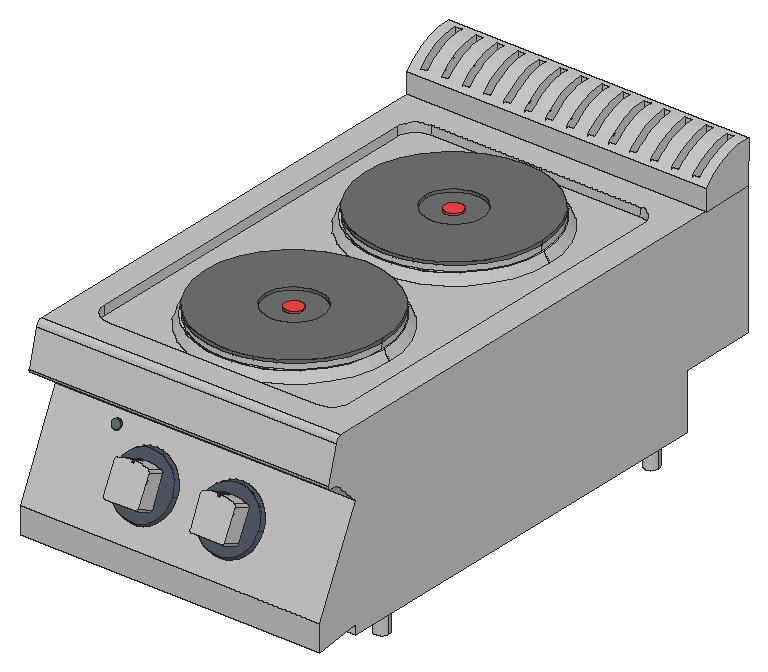
Revit family "QF_ZANUSSI_372014_Z7ECED2R00", category Specialty Equipment, Revit 2018
Family settings
  Round Connector Dimension = Use Diameter
  Part Type = Normal
  Work Plane-Based = No
  Always vertical = Yes
  Cut with Voids When Loaded = No
  Shared = No
  Room Calculation Point = No
Parameters
  Width = 400 mm  # constant formula
  Weight in Pounds = 44  # constant formula
  Weight = 0.00 kg
  Watts = 5200 W  # constant formula
  Volts = 400 V  # constant formula
  URL Manufacturer = "http://www.zanussiprofessional.com"
  URL Cutsheet = "www.electrolux.com/foodservice"
  URL = "http://www.zanussiprofessional.com"
  Type Mark [instance] = ""
  Steam Supply Size = 0"
  Steam Supply Minimum Pressure = 0.00 psi
  Steam Supply Maximum Pressure = 0.00 psi
  Steam Pounds per Hour = 0
  Status [instance] = ""
  Specification by User [instance] = ""
  Specification by Manufacturer = ""
  Show Logo [instance] = yes
  Show Clearance [instance] = yes
  Serial Number = ""
  Seismic Rating = ""
  SMACNA No = ""
  Revision Code [instance] = ""
  Refrigeration Suction Line Size = 0"
  Refrigeration Liquid Line Size = 0"
  Refrigerant Compressor Remote = yes
  Phase = 3  # constant formula
  Omniclass Number and Title = ""
  Number of Poles [instance] = 1
  NAFEM Spec ID Number = ""
  Model = "Z7ECED2R00"
  Min Ckt Ampacity = 0 A
  Max Overcurrent Protection = 0 A
  Masterspec = ""
  Manufacturer = "Zanussi"
  Length Actual = 400 mm  # constant formula
  Item Number [instance] = "372014"
  Installed By [instance] = ""
  Identify Quantity as Lot [instance] = yes
  Hot Water Size = 0"
  Height Actual = 250 mm  # constant formula
  Height = 332 mm  # constant formula
  HP = "7 HP"
  Gas Size = 0"
  Gas KW = 0
  Gas Input Pressure = 0.0 Btu/h
  Furnished By [instance] = ""
  Foodservice Equipment Identifier [instance] = yes
  FL Amps = if(Phase = 3, Watts / (Volts * 1.73), Watts / Volts)  # 7.51445 A
  Electrical Remarks [instance] = "400 V/3N ph/50/60 Hz"  # constant formula
  Electric Connection Type [instance] = ""
  Elec Conn RI Height [instance] = 0 mm
  Elec Conn Connection Height [instance] = 0 mm
  Direct Waste Size = 0"
  Description = "2-HOT PLATE ELECTRIC BOILING TOP 400 MM"
  Depth Actual = 700 mm  # constant formula
  Depth = 715 mm  # constant formula
  Cycle [instance] = if([60 Hertz Option], 60 Hz, 50 Hz)  # 60 Hz
  Conn Plug = ""
  Conn Conduit = yes
  Condensate Return Size = 0"
  Compressed Air Volume = 0 GPM
  Compressed Air Size = 0"
  Compressed Air Pressure = 0.00 psi
  Cold Water Size = 0"
  CSI MasterFormat = ""
  CSI Master Format = ""
  Base Height [instance] = 24 mm  # constant formula
  Assembly Code = ""
  Apparent Power = if(Phase = 3, Volts * FL Amps * 1.73, Volts * FL Amps)  # 5200 VA
  Accessory = yes
  60 Hertz Option [instance] = not([50 Hertz Option])  # yes
  50 Hertz Option [instance] = no
Reference planes
  plane 1 "BACK": y = 0
  plane 2: z = 0
  plane 3 "LEFT": x = 0
  plane 4 "RIGHT": x = 400
  plane 5 "FRONT": y = -715
  plane 6 "TOP": z = 288.925
  plane 7 "Center Y": x = 200
  plane 8 "Center X": y = -357.5
  plane 9 "BASE": z = 24
  plane 10 "TOP A": z = 274
  plane 11: y = -597.884
  plane 12: y = -147.637
  plane 13: z = 332
  plane 14: through (-6096, -654.982, 186.002) normal (0, -0.8956, 0.4448)
Forms (mm)
  Extrusion 1, solid, material "QF_Finishes_Stainless Steel"
    sketch origin (0, 0, 0) x (0, 1, 0) y (0, 0, 1)
      loop
        line (0, 98) -> (0, 274) -> (-679.358, 274)
        arc (-679.358, 274) -> (-684.643, 271.811) -> (-686.833, 266.526) r 7.474
        line (-686.833, 266.526) -> (-699.884, 221.011)
        arc (-699.884, 221.011) -> (-699.396, 218.379) -> (-697, 217.184) r 3
        line (-697, 217.184) -> (-686.802, 217.184) -> (-654.982, 185.364) -> (-715, 64.508) -> (-715, 29.508) -> (-658.645, 37.428)
        arc (-658.645, 37.428) -> (-656.101, 36.674) -> (-655, 34.259) r 3.2
        line (-655, 34.259) -> (-655, 24) -> (-103, 24) -> (-103, 98) -> (0, 98)
    from 0 to 400.05
  Extrusion 2, solid, material "QF_Finishes_Stainless Steel"
    sketch origin (0, 0, 0) x (1, 0, 0) y (0, 1, 0)
      loop
        circle (11.112, -147.638) r 9.525
      loop
        circle (11.112, -597.884) r 9.525
      loop
        circle (388.887, -147.638) r 9.525
      loop
        circle (388.887, -597.884) r 9.525
    from 0 to 24
  Extrusion 3, solid, material "QF_Finishes_Stainless Steel"
    sketch origin (0, -101.6, 101.6) x (0, 0, -1) y (-1, 0, 0)
      loop
        circle (41.088, -347.613) r 12.7
    from -1.4 to 3.175
  Extrusion 4, solid, material "QF_Finishes_Clearance", visible <- "Show Clearance", detail levels coarse
    sketch origin (0, 0, 0) x (1, 0, 0) y (0, 1, 0)
      loop
        line (0, -715) -> (0, 0) -> (400, 0) -> (400, -715) -> (550.019, -715) -> (550.019, 150.019) -> (-150.019, 150.019) -> (-150.019, -715) -> (0, -715)
    from 0 to 332
  Extrusion 5, solid, material "QF_Finishes_Stainless Steel"
    sketch origin (0, 0, 0) x (0, 1, 0) y (0, 0, 1)
      loop
        line (0, 274) -> (0, 332)
        arc (0, 332) -> (-38.368, 324.021) -> (-69.85, 300.683) r 91.242
        line (-69.85, 300.683) -> (-69.85, 274) -> (0, 274)
    from 0 to 400.05
  Extrusion 6, void
    sketch origin (0, 0, 274.638) x (-1, 0, 0) y (0, -1, 0)
      loop
        line (-13.453, 6.761) -> (-13.453, 63.911) -> (-22.749, 63.911) -> (-22.749, 6.761) -> (-13.453, 6.761)
    from 25.4 to 63.5
  Extrusion 7, void
    sketch origin (400.05, 0, 274.638) x (1, 0, 0) y (0, 1, 0)
      loop
        line (-13.503, -6.761) -> (-22.799, -6.761) -> (-22.799, -63.911) -> (-13.503, -63.911) -> (-13.503, -6.761)
    from 25.4 to 63.5
  Extrusion 8, void
    sketch origin (27.988, 0, 274.638) x (-1, 0, 0) y (0, -1, 0)
      loop
        line (-13.453, 6.761) -> (-13.453, 63.911) -> (-22.749, 63.911) -> (-22.749, 6.761) -> (-13.453, 6.761)
    from 25.4 to 63.5
  Extrusion 9, void
    sketch origin (55.977, 0, 274.638) x (-1, 0, 0) y (0, -1, 0)
      loop
        line (-13.453, 6.761) -> (-13.453, 63.911) -> (-22.749, 63.911) -> (-22.749, 6.761) -> (-13.453, 6.761)
    from 25.4 to 63.5
  Extrusion 10, void
    sketch origin (83.965, 0, 274.638) x (-1, 0, 0) y (0, -1, 0)
      loop
        line (-13.428, 6.761) -> (-13.428, 63.911) -> (-22.724, 63.911) -> (-22.724, 6.761) -> (-13.428, 6.761)
    from 25.4 to 63.5
  Extrusion 11, void
    sketch origin (111.953, 0, 274.638) x (-1, 0, 0) y (0, -1, 0)
      loop
        line (-13.428, 6.761) -> (-13.428, 63.911) -> (-22.724, 63.911) -> (-22.724, 6.761) -> (-13.428, 6.761)
    from 25.4 to 63.5
  Extrusion 12, void
    sketch origin (139.942, 0, 274.638) x (-1, 0, 0) y (0, -1, 0)
      loop
        line (-13.428, 6.761) -> (-13.428, 63.911) -> (-22.724, 63.911) -> (-22.724, 6.761) -> (-13.428, 6.761)
    from 25.4 to 63.5
  Extrusion 13, void
    sketch origin (167.93, 0, 274.638) x (-1, 0, 0) y (0, -1, 0)
      loop
        line (-13.428, 6.761) -> (-13.428, 63.911) -> (-22.724, 63.911) -> (-22.724, 6.761) -> (-13.428, 6.761)
    from 25.4 to 63.5
  Extrusion 14, void
    sketch origin (195.918, 0, 274.638) x (-1, 0, 0) y (0, -1, 0)
      loop
        line (-13.428, 6.761) -> (-13.428, 63.911) -> (-22.724, 63.911) -> (-22.724, 6.761) -> (-13.428, 6.761)
    from 25.4 to 63.5
  Extrusion 15, void
    sketch origin (223.907, 0, 274.638) x (-1, 0, 0) y (0, -1, 0)
      loop
        line (-13.428, 6.761) -> (-13.428, 63.911) -> (-22.724, 63.911) -> (-22.724, 6.761) -> (-13.428, 6.761)
    from 25.4 to 63.5
  Extrusion 16, void
    sketch origin (251.895, 0, 274.638) x (-1, 0, 0) y (0, -1, 0)
      loop
        line (-13.428, 6.761) -> (-13.428, 63.911) -> (-22.724, 63.911) -> (-22.724, 6.761) -> (-13.428, 6.761)
    from 25.4 to 63.5
  Extrusion 17, void
    sketch origin (279.884, 0, 274.638) x (-1, 0, 0) y (0, -1, 0)
      loop
        line (-13.403, 6.761) -> (-13.403, 63.911) -> (-22.699, 63.911) -> (-22.699, 6.761) -> (-13.403, 6.761)
    from 25.4 to 63.5
  Extrusion 18, void
    sketch origin (307.872, 0, 274.638) x (-1, 0, 0) y (0, -1, 0)
      loop
        line (-13.403, 6.761) -> (-13.403, 63.911) -> (-22.699, 63.911) -> (-22.699, 6.761) -> (-13.403, 6.761)
    from 25.4 to 63.5
  Extrusion 19, void
    sketch origin (335.86, 0, 274.638) x (-1, 0, 0) y (0, -1, 0)
      loop
        line (-13.403, 6.761) -> (-13.403, 63.911) -> (-22.699, 63.911) -> (-22.699, 6.761) -> (-13.403, 6.761)
    from 25.4 to 63.5
  Extrusion 20, void
    sketch origin (0, 0, 274.638) x (1, 0, 0) y (0, -1, 0)
      loop
        line (60.425, 104.885) -> (339.575, 104.885)
        arc (339.575, 104.885) -> (357.536, 112.324) -> (364.975, 130.285) r 25.4
        line (364.975, 130.285) -> (364.975, 619.485)
        arc (364.975, 619.485) -> (357.536, 637.445) -> (339.575, 644.885) r 25.4
        line (339.575, 644.885) -> (60.425, 644.885)
        arc (60.425, 644.885) -> (42.464, 637.445) -> (35.025, 619.485) r 25.4
        line (35.025, 619.485) -> (35.025, 130.285)
        arc (35.025, 130.285) -> (42.464, 112.324) -> (60.425, 104.885) r 25.4
    from 0 to 12.7
  Blend 21, solid, material "QF_Finishes_Navy Blue"
    base sketch origin (142.525, -684.991, 125.574) x (1, 0, 0) y (0, 0.444781, 0.895639)
      loop
        circle (0, 0) r 42.5
    top sketch origin (142.525, -684.991, 125.574) x (1, 0, 0) y (0, 0.444781, 0.895639)
      loop
        circle (0, 0) r 40.5
    from 0 to 5
  Extrusion 22, solid, material "QF_Finishes_Stainless Steel"
    sketch origin (142.525, -684.991, 125.574) x (1, 0, 0) y (0, 0.444781, 0.895639)
      loop
        arc (-21.147, 22.789) -> (-22.494, 21.685) -> (-23, 20.019) r 2.997
        line (-23, 20.019) -> (-23, -20.019)
        arc (-23, -20.019) -> (-22.122, -22.138) -> (-20.003, -23.016) r 2.997
        line (-20.003, -23.016) -> (20.003, -23.016)
        arc (20.003, -23.016) -> (22.122, -22.138) -> (23, -20.019) r 2.997
        line (23, -20.019) -> (23, 20.019)
        arc (23, 20.019) -> (22.494, 21.685) -> (21.147, 22.789) r 2.997
        arc (21.147, 22.789) -> (0, 26.984) -> (-21.147, 22.789) r 55.4
    from 10 to 34
  Extrusion 23, solid, material "QF_Plastic-Black-Matte"
    sketch origin (200.025, -684.991, 125.574) x (0, 0.444781, 0.895639) y (0, -0.895639, 0.444781)
      loop
        line (26.984, 34) -> (26.984, 19) -> (27.984, 19) -> (27.984, 34)
        arc (27.984, 34) -> (27.691, 34.707) -> (26.984, 35) r 1
        line (26.984, 35) -> (23.984, 35) -> (23.984, 34) -> (26.984, 34)
    from -58.5 to -56.5
  Extrusion 24, solid, material "QF_Finishes_DarkGreen"
    sketch origin (142.525, -662.752, 170.356) x (1, 0, 0) y (0, 0.444781, 0.895639)
      loop
        circle (-55.001, 0) r 6
    from 0 to 1.6
  Extrusion 25, solid, material "QF_Finishes_Stainless Steel"
    sketch origin (142.525, -684.991, 125.574) x (1, 0, 0) y (0, 0.444781, 0.895639)
      loop
        line (17.5, 17.5) -> (-17.5, 17.5) -> (-17.5, -17.5) -> (17.5, -17.5) -> (17.5, 17.5)
    from 5 to 10
  Extrusion 26, solid, material "QF_Plastic-Black-Matte"
    sketch origin (200.025, -684.991, 125.574) x (0, 0.444781, 0.895639) y (0, 0.895639, -0.444781)
      loop
        line (26.984, -34) -> (23.984, -34) -> (23.984, -35) -> (26.984, -35)
        arc (26.984, -35) -> (27.691, -34.707) -> (27.984, -34) r 1
        line (27.984, -34) -> (27.984, -19) -> (26.984, -19) -> (26.984, -34)
    from -58.5 to -56.5
  Extrusion 27, solid, material "QF_Finishes_Stainless Steel"
    sketch origin (257.525, -684.991, 125.574) x (-1, 0, 0) y (0, -0.444781, -0.895639)
      loop
        line (17.5, -17.5) -> (17.5, 17.5) -> (-17.5, 17.5) -> (-17.5, -17.5) -> (17.5, -17.5)
    from 5 to 10
  Blend 28, solid, material "QF_Finishes_Navy Blue"
    base sketch origin (257.525, -684.991, 125.574) x (1, 0, 0) y (0, 0.444781, 0.895639)
      loop
        circle (0, 0) r 42.5
    top sketch origin (257.525, -684.991, 125.574) x (1, 0, 0) y (0, 0.444781, 0.895639)
      loop
        circle (0, 0) r 40.5
    from 0 to 5
  Extrusion 29, solid, material "QF_Finishes_Stainless Steel"
    sketch origin (257.525, -684.991, 125.574) x (-1, 0, 0) y (0, -0.444781, -0.895639)
      loop
        arc (-21.147, -22.789) -> (0, -26.984) -> (21.147, -22.789) r 55.4
        arc (21.147, -22.789) -> (22.494, -21.685) -> (23, -20.019) r 2.997
        line (23, -20.019) -> (23, 20.019)
        arc (23, 20.019) -> (22.122, 22.138) -> (20.003, 23.016) r 2.997
        line (20.003, 23.016) -> (-20.003, 23.016)
        arc (-20.003, 23.016) -> (-22.122, 22.138) -> (-23, 20.019) r 2.997
        line (-23, 20.019) -> (-23, -20.019)
        arc (-23, -20.019) -> (-22.494, -21.685) -> (-21.147, -22.789) r 2.997
    from 10 to 34
Cuts and joins
  Extrusion 6, Extrusion 7, Extrusion 8, Extrusion 9, Extrusion 10, Extrusion 11, Extrusion 12, Extrusion 13, Extrusion 14, Extrusion 15, Extrusion 16, Extrusion 17, Extrusion 18, Extrusion 19 cuts Extrusion 5
  Extrusion 20 cuts Extrusion 1
Lines and regions (mm)
  Split face 1
    outline origin (142.525, -689.469, 127.797) x (1, 0, 0) y (0, 0.444781, 0.895639)
      loop
        circle (-33, 0) r 3
  Split face 2
    outline origin (263.426, -689.469, 127.797) x (1, 0, 0) y (0, 0.444781, 0.895639)
      loop
        line (-8.901, 38.561) -> (-8.901, 28.561) -> (-2.901, 28.561) -> (-2.901, 38.561) -> (-8.901, 38.561)
  Split face 3
    outline origin (263.426, -689.469, 127.797) x (1, 0, 0) y (0, 0.444781, 0.895639)
      loop
        line (-8.401, 38.061) -> (-8.401, 29.061) -> (-3.401, 29.061) -> (-3.401, 38.061) -> (-8.401, 38.061)
  Split face 4
    outline origin (263.426, -689.469, 127.797) x (1, 0, 0) y (0, 0.444781, 0.895639)
      loop
        line (-8.401, 33.561) -> (-3.401, 33.561)
  Split face 5
    outline origin (263.426, -689.469, 127.797) x (1, 0, 0) y (0, 0.444781, 0.895639)
      loop
        line (-8.401, 33.061) -> (-3.401, 33.061)
  Split face 6
    outline origin (148.426, -689.469, 127.797) x (1, 0, 0) y (0, 0.444781, 0.895639)
      loop
        line (-8.901, 38.561) -> (-8.901, 28.561) -> (-2.901, 28.561) -> (-2.901, 38.561) -> (-8.901, 38.561)
  Split face 7
    outline origin (148.426, -689.469, 127.797) x (1, 0, 0) y (0, 0.444781, 0.895639)
      loop
        line (-8.401, 38.061) -> (-8.401, 29.061) -> (-3.401, 29.061) -> (-3.401, 38.061) -> (-8.401, 38.061)
  Split face 8
    outline origin (148.426, -689.469, 127.797) x (1, 0, 0) y (0, 0.444781, 0.895639)
      loop
        line (-8.401, 34.061) -> (-3.401, 34.061)
  Split face 9
    outline origin (148.426, -689.469, 127.797) x (1, 0, 0) y (0, 0.444781, 0.895639)
      loop
        line (-8.401, 33.561) -> (-3.401, 33.561)
  Split face 10
    outline origin (168.182, -675.159, 156.613) x (-1, 0, 0) y (0, -0.444781, -0.895639)
      loop
        circle (43.456, 61.543) r 1.5
  Split face 11
    outline origin (148.426, -689.469, 127.797) x (1, 0, 0) y (0, 0.444781, 0.895639)
      loop
        circle (-5.901, 31.311) r 2.029
  Split face 12
    outline origin (263.426, -689.469, 127.797) x (1, 0, 0) y (0, 0.444781, 0.895639)
      loop
        circle (-5.901, 35.811) r 2.031
  Split face 13
    outline origin (142.525, -689.469, 127.797) x (1, 0, 0) y (0, 0.444781, 0.895639)
      loop
        circle (-24.487, 26.694) r 3.497
  Split face 14
    outline origin (257.525, -689.469, 127.797) x (1, 0, 0) y (0, 0.444781, 0.895639)
      loop
        circle (-24.487, 26.694) r 3.497
  Split face 15
    outline origin (257.525, -689.469, 127.797) x (1, 0, 0) y (0, 0.444781, 0.895639)
      loop
        circle (-33, 0) r 3
  Split face 16
    outline origin (257.525, -689.469, 127.797) x (1, 0, 0) y (0, 0.444781, 0.895639)
      loop
        circle (-17.8, -29.371) r 1.5
  symbolic lines, style "QF-Clearances", visible <- "Show Clearance", detail levels coarse
    curve 1: line (550.019, 150.019, 274) -> (-150.019, 150.019, 274)
    curve 2: line (550.019, -716.377, 274) -> (550.019, 150.019, 274)
    curve 3: line (-150.019, 150.019, 274.638) -> (-150.019, -715, 274.638)
    curve 4: line (550.019, 150.019, 274.638) -> (-150.019, 150.019, 274.638)
    curve 5: line (550.019, -715, 274.638) -> (550.019, 150.019, 274.638)
  symbolic lines
    curve 6: line (0, 0, 274.638) -> (400, 0, 274.638)
    curve 7: line (0, -715, 274.638) -> (0, 0, 274.638)
    curve 8: line (400, 0, 274.638) -> (400, -715, 274.638)
    curve 9: line (0, -69.85, 274.638) -> (400, -69.85, 274.638)
    curve 10: line (13.428, -6.761, 274.638) -> (22.724, -6.761, 274.638)
    curve 11: line (13.428, -63.911, 274.638) -> (13.428, -6.761, 274.638)
    curve 12: line (22.724, -63.911, 274.638) -> (13.428, -63.911, 274.638)
    curve 13: line (22.724, -6.761, 274.638) -> (22.724, -63.911, 274.638)
    curve 14: line (41.416, -6.761, 274.638) -> (50.712, -6.761, 274.638)
    curve 15: line (41.416, -63.911, 274.638) -> (41.416, -6.761, 274.638)
    curve 16: line (50.712, -63.911, 274.638) -> (41.416, -63.911, 274.638)
    curve 17: line (50.712, -6.761, 274.638) -> (50.712, -63.911, 274.638)
    curve 18: line (69.405, -6.761, 274.638) -> (78.7, -6.761, 274.638)
    curve 19: line (69.405, -63.911, 274.638) -> (69.405, -6.761, 274.638)
    curve 20: line (78.7, -63.911, 274.638) -> (69.405, -63.911, 274.638)
    curve 21: line (78.7, -6.761, 274.638) -> (78.7, -63.911, 274.638)
    curve 22: line (97.393, -6.761, 274.638) -> (106.689, -6.761, 274.638)
    curve 23: line (97.393, -63.911, 274.638) -> (97.393, -6.761, 274.638)
    curve 24: line (106.689, -63.911, 274.638) -> (97.393, -63.911, 274.638)
    curve 25: line (106.689, -6.761, 274.638) -> (106.689, -63.911, 274.638)
    curve 26: line (125.381, -6.761, 274.638) -> (134.677, -6.761, 274.638)
    curve 27: line (125.381, -63.911, 274.638) -> (125.381, -6.761, 274.638)
    curve 28: line (134.677, -63.911, 274.638) -> (125.381, -63.911, 274.638)
    curve 29: line (134.677, -6.761, 274.638) -> (134.677, -63.911, 274.638)
    curve 30: line (153.37, -6.761, 274.638) -> (162.665, -6.761, 274.638)
    curve 31: line (153.37, -63.911, 274.638) -> (153.37, -6.761, 274.638)
    curve 32: line (162.665, -63.911, 274.638) -> (153.37, -63.911, 274.638)
    curve 33: line (162.665, -6.761, 274.638) -> (162.665, -63.911, 274.638)
    curve 34: line (181.358, -6.761, 274.638) -> (190.654, -6.761, 274.638)
    curve 35: line (181.358, -63.911, 274.638) -> (181.358, -6.761, 274.638)
    curve 36: line (190.654, -63.911, 274.638) -> (181.358, -63.911, 274.638)
    curve 37: line (190.654, -6.761, 274.638) -> (190.654, -63.911, 274.638)
    curve 38: line (209.346, -6.761, 274.638) -> (218.642, -6.761, 274.638)
    curve 39: line (209.346, -63.911, 274.638) -> (209.346, -6.761, 274.638)
    curve 40: line (218.642, -63.911, 274.638) -> (209.346, -63.911, 274.638)
    curve 41: line (218.642, -6.761, 274.638) -> (218.642, -63.911, 274.638)
    curve 42: line (237.31, -6.761, 274.638) -> (246.605, -6.761, 274.638)
    curve 43: line (237.31, -63.911, 274.638) -> (237.31, -6.761, 274.638)
    curve 44: line (246.605, -63.911, 274.638) -> (237.31, -63.911, 274.638)
    curve 45: line (246.605, -6.761, 274.638) -> (246.605, -63.911, 274.638)
    curve 46: line (265.298, -6.761, 274.638) -> (274.594, -6.761, 274.638)
    curve 47: line (265.298, -63.911, 274.638) -> (265.298, -6.761, 274.638)
    curve 48: line (274.594, -63.911, 274.638) -> (265.298, -63.911, 274.638)
    curve 49: line (274.594, -6.761, 274.638) -> (274.594, -63.911, 274.638)
    curve 50: line (293.286, -6.761, 274.638) -> (302.582, -6.761, 274.638)
    curve 51: line (293.286, -63.911, 274.638) -> (293.286, -6.761, 274.638)
    curve 52: line (302.582, -63.911, 274.638) -> (293.286, -63.911, 274.638)
    curve 53: line (302.582, -6.761, 274.638) -> (302.582, -63.911, 274.638)
    curve 54: line (321.275, -6.761, 274.638) -> (330.57, -6.761, 274.638)
    curve 55: line (321.275, -63.911, 274.638) -> (321.275, -6.761, 274.638)
    curve 56: line (330.57, -63.911, 274.638) -> (321.275, -63.911, 274.638)
    curve 57: line (330.57, -6.761, 274.638) -> (330.57, -63.911, 274.638)
    curve 58: line (349.263, -6.761, 274.638) -> (358.559, -6.761, 274.638)
    curve 59: line (349.263, -63.911, 274.638) -> (349.263, -6.761, 274.638)
    curve 60: line (358.559, -63.911, 274.638) -> (349.263, -63.911, 274.638)
    curve 61: line (358.559, -6.761, 274.638) -> (358.559, -63.911, 274.638)
    curve 62: line (377.251, -6.761, 274.638) -> (386.547, -6.761, 274.638)
    curve 63: line (377.251, -63.911, 274.638) -> (377.251, -6.761, 274.638)
    curve 64: line (386.547, -63.911, 274.638) -> (377.251, -63.911, 274.638)
    curve 65: line (386.547, -6.761, 274.638) -> (386.547, -63.911, 274.638)
    curve 66: line (35.025, -619.485, 0) -> (35.025, -130.285, 0)
    curve 67: arc (35.025, -130.285, 0) -> (42.464, -112.324, 0) -> (60.425, -104.885, 0) r 25.4
    curve 68: line (60.425, -104.885, 0) -> (339.575, -104.885, 0)
    curve 69: arc (339.575, -104.885, 0) -> (357.536, -112.324, 0) -> (364.975, -130.285, 0) r 25.4
    curve 70: line (364.975, -130.285, 0) -> (364.975, -619.485, 0)
    curve 71: arc (364.975, -619.485, 0) -> (357.536, -637.445, 0) -> (339.575, -644.885, 0) r 25.4
    curve 72: line (339.575, -644.885, 0) -> (60.425, -644.885, 0)
    curve 73: arc (60.425, -644.885, 0) -> (42.464, -637.445, 0) -> (35.025, -619.485, 0) r 25.4
    curve 74: line (0, -700, 0) -> (400, -700, 0)
    curve 75: line (119.5, -700, 0) -> (119.5, -724.347, 0)
    curve 76: arc (119.5, -724.347, 0) -> (119.646, -724.811, 0) -> (120.032, -725.107, 0) r 0.809
    curve 77: arc (120.032, -725.107, 0) -> (121.22, -725.587, 0) -> (122.497, -725.68, 0) r 4.127
    curve 78: arc (119.5, -704.292, 0) -> (114.459, -702.458, 0) -> (109.691, -700, 0) r 42.24
    curve 79: arc (119.5, -706.539, 0) -> (120.002, -705.818, 0) -> (120.799, -705.448, 0) r 1.682
    curve 80: arc (120.799, -705.448, 0) -> (131.102, -703.95, 0) -> (141.5, -703.441, 0) r 109.079
    curve 81: line (141.5, -700, 0) -> (141.5, -705.671, 0)
    curve 82: line (141.5, -705.671, 0) -> (143.5, -705.671, 0)
    curve 83: line (143.5, -705.671, 0) -> (143.5, -700, 0)
    curve 84: line (165.5, -700, 0) -> (165.5, -724.347, 0)
    curve 85: arc (165.5, -724.347, 0) -> (165.354, -724.811, 0) -> (164.968, -725.107, 0) r 0.809
    curve 86: arc (164.968, -725.107, 0) -> (163.78, -725.587, 0) -> (162.503, -725.68, 0) r 4.127
    curve 87: arc (165.5, -704.292, 0) -> (170.541, -702.458, 0) -> (175.309, -700, 0) r 42.24
    curve 88: arc (165.5, -706.539, 0) -> (164.998, -705.818, 0) -> (164.201, -705.448, 0) r 1.682
    curve 89: arc (164.201, -705.448, 0) -> (153.898, -703.95, 0) -> (143.5, -703.441, 0) r 109.079
    curve 90: line (122.497, -725.68, 0) -> (162.503, -725.68, 0)
    curve 91: line (280.5, -700, 0) -> (280.5, -724.347, 0)
    curve 92: arc (280.5, -724.347, 0) -> (280.354, -724.811, 0) -> (279.968, -725.107, 0) r 0.809
    curve 93: arc (279.968, -725.107, 0) -> (278.78, -725.587, 0) -> (277.503, -725.68, 0) r 4.127
    curve 94: arc (280.5, -704.292, 0) -> (285.541, -702.458, 0) -> (290.309, -700, 0) r 42.24
    curve 95: arc (280.5, -706.539, 0) -> (279.998, -705.818, 0) -> (279.201, -705.448, 0) r 1.682
    curve 96: arc (279.201, -705.448, 0) -> (268.898, -703.95, 0) -> (258.5, -703.441, 0) r 109.079
    curve 97: line (258.5, -700, 0) -> (258.5, -705.671, 0)
    curve 98: line (258.5, -705.671, 0) -> (256.5, -705.671, 0)
    curve 99: line (256.5, -705.671, 0) -> (256.5, -700, 0)
    curve 100: line (234.5, -700, 0) -> (234.5, -724.347, 0)
    curve 101: arc (234.5, -724.347, 0) -> (234.646, -724.811, 0) -> (235.032, -725.107, 0) r 0.809
    curve 102: arc (235.032, -725.107, 0) -> (236.22, -725.587, 0) -> (237.497, -725.68, 0) r 4.127
    curve 103: arc (234.5, -704.292, 0) -> (229.459, -702.458, 0) -> (224.691, -700, 0) r 42.24
    curve 104: arc (234.5, -706.539, 0) -> (235.002, -705.818, 0) -> (235.799, -705.448, 0) r 1.682
    curve 105: arc (235.799, -705.448, 0) -> (246.102, -703.95, 0) -> (256.5, -703.441, 0) r 109.079
    curve 106: line (277.503, -725.68, 0) -> (237.497, -725.68, 0)
    curve 107: line (165.5, -715, 0) -> (234.5, -715, 0)
    curve 108: line (280.5, -715, 0) -> (400, -715, 0)
    curve 109: line (0, -715, 0) -> (119.5, -715, 0)
Dimensions and locks
  equal spacing: plane 3 "LEFT", plane 7 "Center Y", plane 4 "RIGHT"
  "Width": plane 3 "LEFT" to plane 4 "RIGHT"
  equal spacing: plane 5 "FRONT", plane 8 "Center X", plane 1 "BACK"
  "Depth": plane 5 "FRONT" to plane 1 "BACK"
  plane 1 "BACK" to plane 5 "FRONT" = 715 mm
  "Base Height": plane 9 "BASE" to level
  plane 10 "TOP A" to plane 9 "BASE" = 250 mm
  plane 9 "BASE" to level = 24 mm
  plane 4 "RIGHT" to Extrusion 3 sketch curve = 52.388 mm
  plane 13 to level = 332 mm
  Extrusion 3 sketch curve to plane 9 "BASE" = 36.513 mm
  plane 10 "TOP A" to plane 13 = 58 mm
  aligned and locked: level to plane 2
Automatic sketch dimensions
  plane 4 "RIGHT" to curve 2 = 150.019 mm
  curve 1 to plane 3 "LEFT" = 150.019 mm
  curve 1 to plane 1 "BACK" = 150.019 mm
  plane 5 "FRONT" to curve 2 = 1.377 mm
  plane 11 to Extrusion 2 sketch curve = 0 mm  (x2)
  plane 12 to Extrusion 2 sketch curve = 0 mm  (x2)
  plane 3 "LEFT" to Extrusion 2 sketch curve = 11.112 mm  (x2)
  Extrusion 2 sketch curve to plane 4 "RIGHT" = 11.113 mm  (x2)
  plane 5 "FRONT" to Extrusion 4 sketch curve = 0 mm  (x2)
  plane 1 "BACK" to Extrusion 4 sketch curve = 0 mm
  Extrusion 4 sketch curve to plane 3 "LEFT" = 0 mm
  Extrusion 4 sketch curve to plane 4 "RIGHT" = 0 mm
  Extrusion 4 sketch curve to plane 3 "LEFT" = 150.019 mm
  Extrusion 4 sketch curve to Extrusion 4 sketch curve = 150.019 mm
  Extrusion 4 sketch curve to plane 1 "BACK" = 150.019 mm
  plane 1 "BACK" to Extrusion 6 sketch curve = 6.761 mm
  plane 3 "LEFT" to Extrusion 6 sketch curve = 22.749 mm
  Extrusion 6 sketch curve to Extrusion 6 sketch curve = 9.296 mm
  Extrusion 6 sketch curve to Extrusion 6 sketch curve = 57.15 mm
  Extrusion 7 sketch curve to plane 1 "BACK" = 6.761 mm
  plane 4 "RIGHT" to Extrusion 7 sketch curve = 22.749 mm
  Extrusion 7 sketch curve to Extrusion 7 sketch curve = 9.296 mm
  Extrusion 7 sketch curve to Extrusion 7 sketch curve = 57.15 mm
  plane 1 "BACK" to Extrusion 8 sketch curve = 6.761 mm
  plane 3 "LEFT" to Extrusion 8 sketch curve = 50.737 mm
  Extrusion 8 sketch curve to Extrusion 8 sketch curve = 9.296 mm
  Extrusion 8 sketch curve to Extrusion 8 sketch curve = 57.15 mm
  plane 1 "BACK" to Extrusion 9 sketch curve = 6.761 mm
  Extrusion 9 sketch curve to Extrusion 9 sketch curve = 9.296 mm
  Extrusion 9 sketch curve to Extrusion 9 sketch curve = 57.15 mm
  plane 1 "BACK" to Extrusion 10 sketch curve = 6.761 mm
  Extrusion 10 sketch curve to Extrusion 10 sketch curve = 9.296 mm
  Extrusion 10 sketch curve to Extrusion 10 sketch curve = 57.15 mm
  plane 1 "BACK" to Extrusion 11 sketch curve = 6.761 mm
  Extrusion 11 sketch curve to Extrusion 11 sketch curve = 9.296 mm
  Extrusion 11 sketch curve to Extrusion 11 sketch curve = 57.15 mm
  plane 1 "BACK" to Extrusion 12 sketch curve = 6.761 mm
  Extrusion 12 sketch curve to Extrusion 12 sketch curve = 57.15 mm
  Extrusion 13 sketch curve to plane 7 "Center Y" = 9.346 mm
  Extrusion 13 sketch curve to Extrusion 13 sketch curve = 9.296 mm
  plane 1 "BACK" to Extrusion 13 sketch curve = 6.761 mm
  Extrusion 13 sketch curve to Extrusion 13 sketch curve = 57.15 mm
  plane 1 "BACK" to Extrusion 14 sketch curve = 6.761 mm
  plane 7 "Center Y" to Extrusion 14 sketch curve = 18.642 mm
  Extrusion 14 sketch curve to Extrusion 14 sketch curve = 9.296 mm
  Extrusion 14 sketch curve to Extrusion 14 sketch curve = 57.15 mm
  Extrusion 15 sketch curve to Extrusion 15 sketch curve = 9.296 mm
  plane 1 "BACK" to Extrusion 15 sketch curve = 6.761 mm
  Extrusion 15 sketch curve to Extrusion 15 sketch curve = 57.15 mm
  plane 1 "BACK" to Extrusion 16 sketch curve = 6.761 mm
  Extrusion 16 sketch curve to Extrusion 16 sketch curve = 9.296 mm
  Extrusion 16 sketch curve to Extrusion 16 sketch curve = 57.15 mm
  plane 1 "BACK" to Extrusion 17 sketch curve = 6.761 mm
  Extrusion 17 sketch curve to Extrusion 17 sketch curve = 9.296 mm
  Extrusion 17 sketch curve to Extrusion 17 sketch curve = 57.15 mm
  plane 1 "BACK" to Extrusion 18 sketch curve = 6.761 mm
  Extrusion 18 sketch curve to plane 4 "RIGHT" = 69.43 mm
  Extrusion 18 sketch curve to Extrusion 18 sketch curve = 9.296 mm
  Extrusion 18 sketch curve to Extrusion 18 sketch curve = 57.15 mm
  plane 1 "BACK" to Extrusion 19 sketch curve = 6.761 mm
  Extrusion 19 sketch curve to plane 4 "RIGHT" = 41.441 mm
  Extrusion 19 sketch curve to Extrusion 19 sketch curve = 9.296 mm
  Extrusion 19 sketch curve to Extrusion 19 sketch curve = 57.15 mm
  plane 5 "FRONT" to curve 5 = 0 mm
  curve 9 to plane 4 "RIGHT" = 0 mm
  plane 1 "BACK" to curve 7 = 0 mm
  curve 7 to plane 3 "LEFT" = 0 mm
  plane 5 "FRONT" to curve 3 = 0 mm
  plane 5 "FRONT" to curve 7 = 0 mm
  plane 4 "RIGHT" to curve 5 = 150.019 mm
  curve 65 to plane 4 "RIGHT" = 13.453 mm
  curve 62 to curve 63 = 9.296 mm
  curve 63 to curve 61 = 18.693 mm
  curve 60 to curve 59 = 9.296 mm
  curve 59 to curve 57 = 18.693 mm
  curve 56 to curve 55 = 9.296 mm
  curve 55 to curve 53 = 18.693 mm
  curve 52 to curve 51 = 9.296 mm
  curve 51 to curve 49 = 18.693 mm
  curve 48 to curve 47 = 9.296 mm
  curve 44 to curve 43 = 9.296 mm
  plane 1 "BACK" to curve 41 = 6.761 mm
  plane 7 "Center Y" to curve 41 = 18.642 mm
  curve 40 to curve 39 = 9.296 mm
  curve 37 to plane 7 "Center Y" = 9.346 mm
  curve 36 to curve 36 = 9.296 mm
  plane 1 "BACK" to curve 29 = 6.761 mm
  curve 28 to curve 27 = 9.296 mm
  plane 1 "BACK" to curve 25 = 6.761 mm
  curve 26 to curve 25 = 18.693 mm
  curve 24 to curve 23 = 9.296 mm
  plane 1 "BACK" to curve 21 = 6.761 mm
  curve 22 to curve 21 = 18.693 mm
  curve 20 to curve 19 = 9.296 mm
  plane 1 "BACK" to curve 17 = 6.761 mm
  curve 18 to curve 17 = 18.693 mm
  curve 16 to curve 15 = 9.296 mm
  plane 1 "BACK" to curve 13 = 6.761 mm
  curve 14 to curve 13 = 18.693 mm
  curve 12 to curve 11 = 9.296 mm
  curve 3 to plane 3 "LEFT" = 150.019 mm
  curve 4 to plane 1 "BACK" = 150.019 mm
  plane 1 "BACK" to curve 61 = 6.761 mm
  plane 1 "BACK" to curve 62 = 6.761 mm
  plane 1 "BACK" to curve 57 = 6.761 mm
  plane 1 "BACK" to curve 53 = 6.761 mm
  plane 1 "BACK" to curve 49 = 6.761 mm
  plane 1 "BACK" to curve 45 = 6.761 mm
  plane 1 "BACK" to curve 30 = 6.761 mm
  plane 1 "BACK" to curve 37 = 6.761 mm
  curve 34 to curve 35 = 57.15 mm
  curve 32 to curve 35 = 0 mm
  curve 29 to curve 31 = 0 mm
  curve 36 to curve 39 = 0 mm
  curve 25 to curve 27 = 0 mm
  curve 40 to curve 43 = 0 mm
  curve 21 to curve 23 = 0 mm
  curve 44 to curve 47 = 0 mm
  curve 17 to curve 19 = 0 mm
  curve 48 to curve 51 = 0 mm
  curve 13 to curve 15 = 0 mm
  curve 52 to curve 55 = 0 mm
  curve 56 to curve 63 = 0 mm
  curve 56 to curve 59 = 0 mm
  curve 11 to curve 9 = 5.939 mm
  Extrusion 20 sketch curve to Extrusion 20 sketch curve = 25.4 mm  (x3)
  plane 7 "Center Y" to Extrusion 15 sketch curve = 46.63 mm
  plane 7 "Center Y" to Extrusion 16 sketch curve = 74.619 mm
  Extrusion 17 sketch curve to plane 4 "RIGHT" = 97.418 mm
  curve 46 to curve 45 = 18.693 mm
  plane 3 "LEFT" to Extrusion 9 sketch curve = 78.725 mm
  Extrusion 10 sketch curve to plane 7 "Center Y" = 93.311 mm
  Extrusion 11 sketch curve to plane 7 "Center Y" = 65.323 mm
  Extrusion 12 sketch curve to plane 7 "Center Y" = 37.335 mm
  Extrusion 12 sketch curve to Extrusion 12 sketch curve = 9.296 mm
  curve 34 to curve 33 = 18.693 mm
  curve 32 to curve 31 = 9.296 mm
  curve 30 to curve 29 = 18.693 mm
  Extrusion 5 sketch curve to plane 10 "TOP A" = 0 mm
  Extrusion 5 sketch curve to plane 1 "BACK" = 0 mm
  plane 13 to Extrusion 5 sketch curve = 0 mm
  plane 1 "BACK" to Extrusion 5 sketch curve = 1.04 mm
  plane 1 "BACK" to Extrusion 5 sketch curve = 69.85 mm
  Extrusion 5 sketch curve to plane 10 "TOP A" = 33.236 mm
  plane 5 "FRONT" to curve 8 = 0 mm
  plane 11 to Extrusion 20 sketch curve = 21.6 mm
  plane 3 "LEFT" to Extrusion 20 sketch curve = 35.025 mm
  Extrusion 20 sketch curve to plane 4 "RIGHT" = 60.425 mm  (x2)
  Extrusion 20 sketch curve to plane 12 = 17.353 mm
  plane 3 "LEFT" to Blend 21 sketch curve = 142.525 mm  (x2)
  plane 3 "LEFT" to Extrusion 22 sketch curve = 119.525 mm
  Extrusion 22 sketch curve to Extrusion 22 sketch curve = 2.997 mm  (x3)
  Extrusion 22 sketch curve to Extrusion 22 sketch curve = 20.003 mm  (x2)
  plane 3 "LEFT" to Extrusion 22 sketch curve = 162.528 mm
  Extrusion 22 sketch curve to Extrusion 22 sketch curve = 5.399 mm
  Extrusion 22 sketch curve to Extrusion 22 sketch curve = 40.037 mm
  Extrusion 22 sketch curve to Extrusion 22 sketch curve = 0 mm  (x2)
  plane 14 to Extrusion 23 sketch curve = 35 mm
  Extrusion 23 sketch curve to plane 5 "FRONT" = 9.329 mm
  Extrusion 23 sketch curve to Extrusion 23 sketch curve = 3 mm
  Extrusion 23 sketch curve to Extrusion 23 sketch curve = 0 mm  (x2)
  Extrusion 23 sketch curve to Extrusion 23 sketch curve = 1 mm
  Extrusion 23 sketch curve to Extrusion 23 sketch curve = 15 mm
  plane 3 "LEFT" to Extrusion 24 sketch curve = 87.524 mm
  plane 3 "LEFT" to Extrusion 25 sketch curve = 125.025 mm
  Extrusion 25 sketch curve to Extrusion 25 sketch curve = 35 mm  (x2)
  plane 14 to Extrusion 26 sketch curve = 35 mm
  Extrusion 26 sketch curve to plane 5 "FRONT" = 9.329 mm
  Extrusion 26 sketch curve to Extrusion 26 sketch curve = 3 mm
  Extrusion 26 sketch curve to Extrusion 26 sketch curve = 0 mm
  Extrusion 26 sketch curve to Extrusion 26 sketch curve = 1 mm  (x2)
  Extrusion 26 sketch curve to Extrusion 26 sketch curve = 15 mm
  plane 3 "LEFT" to Extrusion 27 sketch curve = 275.025 mm
  Extrusion 27 sketch curve to Extrusion 27 sketch curve = 35 mm  (x2)
  plane 3 "LEFT" to Blend 28 sketch curve = 257.525 mm  (x2)
  plane 3 "LEFT" to Extrusion 29 sketch curve = 280.525 mm
  Extrusion 29 sketch curve to Extrusion 29 sketch curve = 2.997 mm  (x3)
  Extrusion 29 sketch curve to Extrusion 29 sketch curve = 20.003 mm  (x2)
  plane 3 "LEFT" to Extrusion 29 sketch curve = 237.522 mm
  Extrusion 29 sketch curve to Extrusion 29 sketch curve = 0 mm  (x2)
  Extrusion 29 sketch curve to Extrusion 29 sketch curve = 40.037 mm
  Extrusion 29 sketch curve to Extrusion 29 sketch curve = 5.399 mm
  Split face 2 sketch curve to Split face 2 sketch curve = 6 mm
  Split face 2 sketch curve to Split face 2 sketch curve = 10 mm
  Split face 3 sketch curve to Split face 3 sketch curve = 5 mm
  Split face 3 sketch curve to Split face 3 sketch curve = 9 mm
  Split face 4 sketch curve to Split face 4 sketch curve = 5 mm
  Split face 5 sketch curve to Split face 5 sketch curve = 5 mm
  Split face 6 sketch curve to Split face 6 sketch curve = 6 mm
  Split face 6 sketch curve to Split face 6 sketch curve = 10 mm
  Split face 7 sketch curve to Split face 7 sketch curve = 5 mm
  Split face 7 sketch curve to Split face 7 sketch curve = 9 mm
  Split face 8 sketch curve to Split face 8 sketch curve = 5 mm
  Split face 9 sketch curve to Split face 9 sketch curve = 5 mm
  curve 66 to plane 12 = 17.353 mm
  plane 3 "LEFT" to curve 66 = 35.025 mm
  curve 66 to curve 68 = 25.4 mm
  curve 66 to curve 73 = 25.4 mm
  plane 11 to curve 71 = 21.6 mm
  curve 71 to plane 4 "RIGHT" = 60.425 mm
  curve 68 to plane 4 "RIGHT" = 60.425 mm
  curve 71 to curve 70 = 25.4 mm
  curve 76 to plane 7 "Center Y" = 79.691 mm
  curve 76 to curve 79 = 0.774 mm
  curve 76 to curve 77 = 1.846 mm
  curve 79 to curve 78 = 10.309 mm
  curve 80 to plane 7 "Center Y" = 58.369 mm
  curve 80 to curve 89 = 1.738 mm
  curve 78 to curve 87 = 22.215 mm
  curve 86 to plane 7 "Center Y" = 37.154 mm
  curve 86 to curve 88 = 1.071 mm
  plane 7 "Center Y" to curve 101 = 35.309 mm
  curve 101 to curve 104 = 0.774 mm
  curve 101 to curve 102 = 1.846 mm
  curve 104 to curve 103 = 10.309 mm
  plane 7 "Center Y" to curve 105 = 56.631 mm
  curve 105 to curve 96 = 1.738 mm
  curve 103 to curve 94 = 22.215 mm
  curve 93 to curve 95 = 1.071 mm
  curve 93 to curve 92 = 1.846 mm
  curve 94 to plane 5 "FRONT" = 51.239 mm
  curve 103 to curve 94 = 0 mm
  curve 78 to plane 5 "FRONT" = 51.239 mm
  curve 78 to curve 87 = 0 mm
  curve 79 to curve 88 = 0 mm
  curve 104 to curve 95 = 0 mm
  curve 102 to curve 104 = 14.462 mm
  curve 86 to curve 88 = 14.462 mm
  curve 92 to curve 93 = 2.779 mm
  curve 85 to curve 86 = 2.779 mm
  curve 76 to curve 77 = 2.779 mm
  curve 101 to curve 102 = 2.779 mm
  curve 105 to curve 101 = 88.173 mm
  curve 105 to curve 96 = 0 mm  (x2)
  curve 80 to curve 76 = 88.173 mm
  curve 80 to curve 89 = 0 mm  (x2)
  plane 3 "LEFT" to curve 74 = 0 mm
  plane 3 "LEFT" to curve 109 = 0 mm
  curve 78 to curve 79 = 11.392 mm
  curve 76 to curve 76 = 0.809 mm
  curve 76 to curve 76 = 0.277 mm
  curve 79 to curve 79 = 0.284 mm
  curve 76 to curve 90 = 2.465 mm
  curve 79 to curve 80 = 20.417 mm
  curve 81 to curve 82 = 2 mm
  curve 86 to curve 85 = 2.189 mm
  curve 88 to curve 89 = 0.284 mm
  curve 85 to curve 85 = 0.277 mm
  curve 85 to curve 85 = 0.809 mm
  curve 89 to curve 87 = 1.299 mm
  curve 84 to curve 87 = 9.809 mm
  curve 103 to curve 104 = 11.392 mm
  curve 103 to curve 104 = 1.583 mm
  curve 101 to curve 101 = 0.277 mm
  curve 105 to curve 104 = 0.284 mm
  curve 101 to curve 102 = 2.465 mm
  curve 104 to curve 105 = 20.417 mm
  curve 99 to curve 97 = 2 mm
  curve 106 to curve 92 = 2.189 mm
  curve 95 to curve 96 = 0.284 mm
  curve 92 to curve 92 = 0.277 mm
  curve 95 to curve 94 = 1.299 mm
  curve 91 to curve 94 = 9.809 mm
  plane 4 "RIGHT" to curve 108 = 0 mm
  plane 4 "RIGHT" to curve 74 = 0 mm
  curve 79 to curve 78 = 7.106 mm
  curve 95 to curve 94 = 7.106 mm
  curve 94 to curve 91 = 4.292 mm
  curve 78 to curve 75 = 4.292 mm
  curve 96 to curve 97 = 3.441 mm
  curve 80 to curve 81 = 3.441 mm
  curve 99 to curve 105 = 2.23 mm
  curve 83 to curve 89 = 2.23 mm
  curve 77 to curve 109 = 6.567 mm
  curve 102 to curve 107 = 6.567 mm
  curve 108 to curve 74 = 15 mm
  plane 11 to Extrusion 1 sketch curve = 117.116 mm
  plane 11 to Extrusion 1 sketch curve = 101.999 mm
  plane 11 to Extrusion 1 sketch curve = 99.116 mm
  plane 11 to Extrusion 1 sketch curve = 88.948 mm
  Extrusion 1 sketch curve to plane 10 "TOP A" = 56.816 mm
  Extrusion 1 sketch curve to Extrusion 1 sketch curve = 10.198 mm
  plane 13 to Extrusion 1 sketch curve = 58 mm
  Extrusion 1 sketch curve to Extrusion 1 sketch curve = 7.474 mm
  plane 11 to Extrusion 1 sketch curve = 60.761 mm
  Extrusion 1 sketch curve to Extrusion 1 sketch curve = 0.445 mm
  Extrusion 1 sketch curve to Extrusion 1 sketch curve = 3.2 mm
  plane 11 to Extrusion 1 sketch curve = 57.097 mm
  plane 1 "BACK" to Extrusion 1 sketch curve = 103 mm
  Extrusion 1 sketch curve to plane 1 "BACK" = 0 mm
  Extrusion 1 sketch curve to plane 10 "TOP A" = 88.636 mm
  Extrusion 1 sketch curve to plane 10 "TOP A" = 176 mm
  plane 9 "BASE" to Extrusion 1 sketch curve = 40.508 mm
  Extrusion 1 sketch curve to Extrusion 1 sketch curve = 27.08 mm
  Extrusion 1 sketch curve to Extrusion 1 sketch curve = 35 mm
  plane 9 "BASE" to Extrusion 1 sketch curve = 0 mm
  Extrusion 1 sketch curve to Extrusion 1 sketch curve = 3 mm
  radius of Extrusion 2 sketch curve = 9.525 mm  (x4)
  radius of Extrusion 3 sketch curve = 12.7 mm
  radius of Blend 21 sketch curve = 42.5 mm
  radius of Blend 21 sketch curve = 40.5 mm
  radius of Split face 1 sketch curve = 3 mm
  radius of Extrusion 24 sketch curve = 6 mm
  radius of Blend 28 sketch curve = 42.5 mm
  radius of Blend 28 sketch curve = 40.5 mm
  radius of Split face 10 sketch curve = 1.5 mm
  radius of Split face 11 sketch curve = 2.029 mm
  radius of Split face 12 sketch curve = 2.031 mm
  radius of Split face 13 sketch curve = 3.497 mm
  radius of Split face 14 sketch curve = 3.497 mm
  radius of Split face 15 sketch curve = 3 mm
  radius of Split face 16 sketch curve = 1.5 mm
Nested families
  nested 1: "QF_372014_HOT PLATES" at (72.525, -113.898, 261.938), type "QF_372014_HOT PLATES"
    with Type Mark "", Specification by User "", Revision Code "", Item Number "", Installed By "", Identify Quantity as Lot yes, Furnished By "", Foodservice Equipment Identifier yes
  nested 2: "QF_372014_HOT PLATES" at (72.525, -635.872, 261.938), type "QF_372014_HOT PLATES"
    with Type Mark "", Specification by User "", Revision Code "", Item Number "", Installed By "", Identify Quantity as Lot yes, Furnished By "", Foodservice Equipment Identifier yes
Connectors
  electrical at (347.613, -98.425, 60.513), driven by "Volts", driven by "Watts"
    settings: on Extrusion 3, index 1, voltage 400 V, apparent load 5200 VA, apparent load phase1 0 VA, apparent load phase2 0 VA, apparent load phase3 0 VA, power factor 1, load classification "Other", number of poles 1, system type 30, power factor state 1, is connector primary yes, connector utility no, sub classification motor no, connector description "Electrical Connection"
Definition of nested family "QF_372014_HOT PLATES"
  Parameters
    Width = 255 mm  # constant formula
    Weight in Pounds = 0
    URL Cutsheet = ""
    URL = ""
    Type Mark [instance] = ""
    Specification by User [instance] = ""
    Specification by Manufacturer = ""
    Serial Number = ""
    Seismic Rating = ""
    SMACNA No = ""
    Revision Code [instance] = ""
    Omniclass Number and Title = ""
    NAFEM Spec ID Number = ""
    Model = ""
    Masterspec = ""
    Manufacturer = ""
    Item Number [instance] = ""
    Installed By [instance] = ""
    Identify Quantity as Lot [instance] = yes
    Height = 23 mm  # constant formula
    Furnished By [instance] = ""
    Foodservice Equipment Identifier [instance] = yes
    Description = ""
    Depth = 255 mm  # constant formula
    CSI MasterFormat = ""
    CSI Master Format = ""
    Assembly Code = ""
  Reference planes
    plane 1 "BACK": y = 0
    plane 2: z = 0
    plane 3 "LEFT": x = 0
    plane 4 "RIGHT": x = 255
    plane 5 "FRONT": y = -255
    plane 6 "TOP": z = 23
    plane 7 "Center Y": x = 127.5
    plane 8 "Center X": y = -127.5
  Forms (mm)
    Extrusion 1, solid
      sketch origin (-72.525, 113.875, 19.181) x (1, 0, 0) y (0, 1, 0)
        loop
          circle (200.025, -241.375) r 117.925
        loop
          circle (200.025, -241.375) r 38.208
      from 0 to 3.819
    Extrusion 2, solid
      sketch origin (-72.525, 113.875, 19.181) x (1, 0, 0) y (0, 1, 0)
        loop
          circle (200.025, -241.375) r 11.669
      from 0 to 1.964
    Extrusion 3, solid
      sketch origin (-72.525, 113.875, 12.7) x (1, 0, 0) y (0, 1, 0)
        loop
          circle (200.025, -241.375) r 38.208
      from 0 to 6.481
    Blend 4, solid
      base sketch origin (-72.525, 113.875, 0) x (1, 0, 0) y (0, 1, 0)
        loop
          circle (200.025, -241.375) r 127.548
      top sketch origin (-72.525, 113.875, 0) x (1, 0, 0) y (0, 1, 0)
        loop
          circle (200.025, -241.375) r 120.402
      from 0 to 11.731
    Extrusion 5, solid
      sketch origin (-72.525, 113.875, 11.731) x (1, 0, 0) y (0, 1, 0)
        loop
          circle (200.025, -241.375) r 117.925
        loop
          circle (200.025, -241.375) r 39.808
      from 0 to 7.45
  Lines and regions (mm)
    symbolic lines
      curve 1: circle (127.5, -127.5, 0) r 11.669 normal (0, 0, 1)
      curve 2: circle (127.5, -127.5, 0) r 38.208 normal (0, 0, 1)
      curve 3: circle (127.5, -127.5, 0) r 120.402 normal (0, 0, 1)
      curve 4: circle (127.5, -127.5, 0) r 127.548 normal (0, 0, 1)
  Dimensions and locks
    equal spacing: plane 3 "LEFT", plane 7 "Center Y", plane 4 "RIGHT"
    "Width": plane 3 "LEFT" to plane 4 "RIGHT"
    equal spacing: plane 5 "FRONT", plane 8 "Center X", plane 1 "BACK"
    "Depth": plane 5 "FRONT" to plane 1 "BACK"
    plane 1 "BACK" to plane 5 "FRONT" = 255 mm
    "Height": plane 6 "TOP" to level
    aligned and locked: level to plane 2
  Automatic sketch dimensions
    Extrusion 3 sketch curve to plane 7 "Center Y" = 0 mm
    Extrusion 3 sketch curve to plane 8 "Center X" = 0 mm
    Blend 4 sketch curve to plane 7 "Center Y" = 0 mm  (x2)
    Blend 4 sketch curve to plane 8 "Center X" = 0 mm  (x2)
    curve 1 to curve 2 = 0 mm  (x2)
    curve 1 to curve 3 = 0 mm  (x2)
    curve 1 to curve 4 = 0 mm  (x2)
    curve 2 to curve 3 = 0 mm  (x2)
    curve 2 to curve 4 = 0 mm  (x2)
    curve 3 to curve 4 = 0 mm  (x2)
    curve 2 to plane 7 "Center Y" = 0 mm
    curve 2 to plane 8 "Center X" = 0 mm
    radius of Extrusion 1 sketch curve to Extrusion 5 = 0 mm
    radius of Extrusion 1 sketch curve to Extrusion 5 = 1.6 mm
    radius of Extrusion 2 sketch curve to Extrusion 3 = 26.539 mm
    radius of Extrusion 3 sketch curve = 38.208 mm
    radius of Blend 4 sketch curve = 127.548 mm
    radius of Blend 4 sketch curve = 120.402 mm
    radius of Extrusion 5 sketch curve to Blend 4 = 2.478 mm
    radius of Extrusion 5 sketch curve to Blend 4 = 80.594 mm
    radius of curve 1 = 11.669 mm
    radius of curve 2 = 38.208 mm
    radius of curve 3 = 120.402 mm
    radius of curve 4 = 127.548 mm
